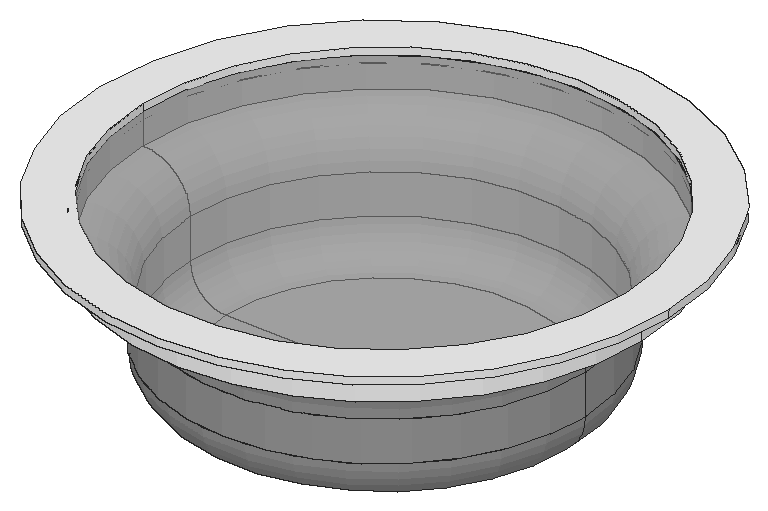
Revit family "3033930 Lighting Fixture_Sylvania_Insaver HO Topper LED II_Ceiling Recessed", category Lighting Fixtures, host Face, Revit 2017
Family settings
  Host = Face
  Round Connector Dimension = Use Diameter
  Part Type = Normal
  OmniClass Number = 23.80.70.11.17
  OmniClass Title = Specialized Lighting by Location or Use
  Cut with Voids When Loaded = No
  Light Source = Yes
  Shared = No
  Room Calculation Point = No
Parameters (values of type "Insaver HO Topper LED II 150 RO 12W WW")
  Weight = 0.38 kg
  Wattage = 12 W
  built-in parameter 1150110 = 1 (stored number, unit not read)
  Voltage Comments = "UNV (Universal Voltage; 220-240 Volt)"  # constant formula
  Voltage = 230 V  # constant formula
  URL = "http://www.sylvania-lighting.com"
  Ta Rating = "-10°C to +40°C"  # constant formula
  LOR = "100 %"
  Glow Wire Test = 650 °C  # constant formula
  Electrical Protection = "Class II"  # constant formula
  Distribution type = "Direct - Symmetrical"  # constant formula
  Accessory Marerial = Metallic Paint_Sylvania_Insaver HO Topper LED_White_RAL 9003
  built-in parameter 1114217 = 1 (stored number, unit not read)
  Tilt Angle = -90°
  built-in parameter 1150109 = 1 (stored number, unit not read)
  built-in parameter 1150134 = (empty or 0)
  built-in parameter 1150113 = 1 (stored number, unit not read)
  Product Page URL = "http://www.sylvania-lighting.com/product/en-int/products/3033930"
  Product Family = "INSAVER HO TOPPER LED II"  # constant formula
  Photometry Comments = ""
  Photometric Web File = "3033930_InsaverHOTopperLEDII150RO12WWW-194643.ies"
  Life = "50 000 h"  # constant formula
  Inner Radius = Inner Diameter / 2  # 70.0 mm
  IP Rating = "IP44"  # constant formula
  IK Rating = "IK07"  # constant formula
  Emit from Circle Diameter = Diffuser Diameter  # 136.0 mm
  Drive Current = "300 mA"
  Accessory Diameter = Diameter + 15.0 mm  # 160.0 mm
  Inner Diameter = Diameter - 5.0 mm  # 140.0 mm
  Diffuser Diameter = Diameter - 9.0 mm  # 136.0 mm
  Diameter = 145.0 mm
  Cutout Diameter = Diameter  # 145.0 mm
  CRI ( Ra ) = 80  # constant formula
  Body Material = Metallic Paint_Sylvania_Insaver HO Topper LED_White_RAL 9003
  Beam Angle = 74°  # constant formula
  Difuser Material = Polycarbonate_Sylvania_Insaver HO Topper LED_3000K
  Height = 45.0 mm
  built-in parameter 1114216 [instance] = 1 (stored number, unit not read)
  Model = "Insaver HO Topper LED II 150 RO 12W WW"
  Manufacturer = "Feilo Sylvania"  # constant formula
  built-in parameter 1150105 = 587.84 (stored number, unit not read)
  Lumens = 1047 lm
  built-in parameter 1150115 = 1 (stored number, unit not read)
  built-in parameter 1150137 = (empty or 0)
  built-in parameter 1150139 = (empty or 0)
  built-in parameter 1150112 = 1 (stored number, unit not read)
  built-in parameter 1150114 = 1 (stored number, unit not read)
  Lamp Comments = "Integrated LED"  # constant formula
  Lamp = "12W"
  built-in parameter 1150132 = 2
  built-in parameter 1150102 = (empty or 0)
  built-in parameter 1150107 = 3000 (stored number, unit not read)
  built-in parameter 1150138 = (empty or 0)
  built-in parameter 1150106 = 5.8784 (stored number, unit not read)
  Reflector Material = Metal_Sylvania_Insaver HO Topper LED
  Emit Shape Visible in Rendering = yes
  built-in parameter 1150104 = 8.1058 (stored number, unit not read)
  Dimming Lamp Color Temperature Shift = <None>
  Description = "Insaver HO Topper LED II is available in 4 different round cut out sizes: 150mm, 175mm, 205mm & 220mm Insaver HO Topper LED II 150 12W delivers a 1,134 lumen output (4,000K) - perfect for 1x26W CFL replacement Insaver HO Topper LED II 175 15W delivers a 1,480 lumen output (4,000K) - perfect for 1x32W/2x18W CFL replacement Insaver HO Topper LED II 205 21W delivers a 1,989 lumen output (4,000K) - perfect for 1x42W CFL replacement Insaver HO Topper LED II 225 25W delivers a 2,289 lumen output (4,000K)- perfect for 2x26W CFL replacement High efficacy up to 99lm/W (Insaver HO Topper LED II 175 4,000K) IP44 rating allows for installation in applicable wet zone areas Choice of 3,000K (warm white) or 4,000K (neutral white) Shallow recess depth of <65mm Can replace existing large CFL downlights using a 225mm ceiling cut out (Insaver HO Topper LED II 225) Energy efficient electronic gear including analogue 1-10V and DALI dimmable options IK07 polycarbonate diffuser allows for a wider light distribution than a reflector downlight, allowing for increased spacings between luminaires 3 hour emergency pack available (to be ordered in addition to the luminaire) Ideal for applications such as corridors, public WCs and back of house areas Quick and easy to install Loop in-Loop out facility with red push fit terminal block for quick wiring White bezel (RAL 9003) Energy Class: A++, A+, A Long lifetime: 50,000 hours life at L70 (L80: 30,000 hours, L90: 15,000 hours)"  # constant formula
  Default Elevation = 0.0 mm
  Color Filter = 16777215
  Catalog Number = "3033930 Insaver HO Topper LED II 150 RO 12W WW"
  built-in parameter 1140040 [instance] = 1
  built-in parameter 1114218 = 1 (stored number, unit not read)
  built-in parameter 1150133 = 10 (stored number, unit not read)
  Assembly Code = "D5020200"
  Apparent Load Comments = ""
  Apparent Load = 12 VA
Reference planes
  plane 1 "Center (Front/Back)": y = 0
  plane 2: z = 0
  plane 3 "Center (Left/Right)": x = 0
  plane 4 "Fixture Bottom": z = 2
  plane 5 "Fixture Top": z = -45
  plane 6 "Brace Top": z = -8.5
  plane 7 "Fixture Left": x = -80
  plane 8 "Fixture Right": x = 80
  plane 9 "Cutout Right": x = 72.5
  plane 10 "Cutout Left": x = -72.5
  plane 11: z = -2
Forms (mm)
  Extrusion 1, void
    sketch origin (0, 0, 59) x (-1, 0, 0) y (0, -1, 0)
      loop
        circle (0, 0) r 72.5
    from -104 to -57
  Extrusion 2, solid, material "Metallic Paint_Sylvania_Insaver HO Topper LED_White_RAL 9003" <- "Accessory Marerial", detail levels fine
    sketch origin (0, 0, 59) x (-1, 0, 0) y (0, -1, 0)
      loop
        circle (0, 0) r 80
      loop
        circle (0, 0) r 68
    from -59 to -57
  Extrusion 3, solid, material "Metallic Paint_Sylvania_Insaver HO Topper LED_White_RAL 9003" <- "Accessory Marerial", detail levels fine
    sketch origin (0, 0, 0) x (1, 0, 0) y (0, 1, 0)
      loop
        circle (0, 0) r 72.5
      loop
        circle (0, 0) r 70
    from -8.5 to 0
  Extrusion 4, solid, material "Polycarbonate_Sylvania_Insaver HO Topper LED_3000K" <- "Difuser Material", detail levels fine
    sketch origin (0, 0, 59) x (-1, 0, 0) y (0, -1, 0)
      loop
        circle (0, 0) r 68
    from -61 to -59
  Revolve 5, solid, material "Metal_Sylvania_Insaver HO Topper LED" <- "Reflector Material", detail levels fine
    sketch origin (0, 0, 0) x (1, 0, 0) y (0, 0, 1)
      loop
        line (-68, 0) -> (-70, 0) -> (-70, -8.5)
        arc (-70, -8.5) -> (-60.547, -12.382) -> (-56.627, -21.82) r 13.32
        line (-56.627, -21.82) -> (-56.627, -33)
        arc (-56.627, -33) -> (-53.113, -41.485) -> (-44.627, -45) r 12
        line (-44.627, -45) -> (0, -45) -> (0, -43) -> (-44.627, -43)
        arc (-44.627, -43) -> (-51.698, -40.071) -> (-54.627, -33) r 10
        line (-54.627, -33) -> (-54.627, -21.82)
        arc (-54.627, -21.82) -> (-58.547, -12.382) -> (-68, -8.5) r 13.32
        line (-68, -8.5) -> (-68, 0)
      axis (0, -45) -> (0, 0)
    angle from 0 to 360
  Revolve 6, solid, material "Metallic Paint_Sylvania_Insaver HO Topper LED_White_RAL 9003" <- "Body Material", detail levels coarse+medium
    sketch origin (0, 0, 0) x (1, 0, 0) y (0, 0, 1)
      loop
        line (-56.627, -21.82) -> (-56.627, -33)
        arc (-56.627, -33) -> (-53.113, -41.485) -> (-44.627, -45) r 12
        line (-44.627, -45) -> (0, -45) -> (0, 2) -> (-80, 2) -> (-80, 0) -> (-72.5, 0) -> (-72.5, -8.5) -> (-70, -8.5)
        arc (-70, -8.5) -> (-60.547, -12.382) -> (-56.627, -21.82) r 13.32
      axis (0, -45) -> (0, 2)
    angle from 0 to 360
Cuts and joins
  joined: Extrusion 2, Extrusion 3
Dimensions and locks
  plane 4 "Fixture Bottom" to plane 2 to plane 6 "Brace Top" = 2.0 mm locked, 8.5 mm locked
  "Height": plane 2 to plane 5 "Fixture Top"
  equal spacing: plane 8 "Fixture Right", plane 3 "Center (Left/Right)", plane 7 "Fixture Left"
  "Accessory Diameter": plane 8 "Fixture Right" to plane 7 "Fixture Left"
  equal spacing: plane 9 "Cutout Right", plane 3 "Center (Left/Right)", plane 10 "Cutout Left"
  "Diameter": plane 9 "Cutout Right" to plane 10 "Cutout Left"
  locked: Revolve 6 sketch curve to Revolve 6 sketch curve at 23.373
  locked: Revolve 6 sketch curve to plane 5 "Fixture Top" at 12
  locked: Revolve 5 sketch curve to plane 7 "Fixture Left" at 23.373
  "Cutout Diameter": diameter of Extrusion 1 sketch curve
  "Accessory Diameter": diameter of Extrusion 2 sketch curve
  "Diffuser Diameter": diameter of Extrusion 2 sketch curve
  "Diameter": diameter of Extrusion 3 sketch curve
  "Inner Diameter": diameter of Extrusion 3 sketch curve
  "Diffuser Diameter": diameter of Extrusion 4 sketch curve
  aligned and locked: plane 2 to host face
  aligned and locked: level to host face
  aligned and locked: plane 1 "Center (Front/Back)" to imposter light
  aligned and locked: Extrusion 2 to plane 2
  aligned and locked: plane 4 "Fixture Bottom" to Extrusion 2
  aligned and locked: plane 2 to Extrusion 3
  aligned and locked: plane 4 "Fixture Bottom" to Extrusion 1
  aligned and locked: Extrusion 1 to plane 5 "Fixture Top"
  aligned and locked: plane 3 "Center (Left/Right)" to imposter light
  aligned and locked: imposter light to plane 4 "Fixture Bottom"
  aligned and locked: Extrusion 3 to plane 6 "Brace Top"
  aligned and locked: level to Extrusion 4
  aligned and locked: plane 11 to Extrusion 4
  aligned and locked: imposter light to Revolve 5 sketch curve  (x2)
  aligned and locked: Revolve 5 sketch curve to plane 2
  aligned and locked: plane 6 "Brace Top" to Revolve 5 sketch curve
  aligned and locked: Revolve 6 sketch curve to imposter light
  aligned and locked: plane 2 to Revolve 6 sketch curve
  aligned and locked: plane 6 "Brace Top" to Revolve 6 sketch curve
  aligned and locked: plane 7 "Fixture Left" to Revolve 6 sketch curve
  aligned and locked: plane 10 "Cutout Left" to Revolve 6 sketch curve
  aligned and locked: Revolve 6 sketch curve to plane 5 "Fixture Top"
  aligned and locked: Revolve 5 sketch curve to plane 5 "Fixture Top"
Automatic sketch dimensions
  host sketch curve to host sketch curve = 1596.918 mm
  host sketch curve to host sketch curve = 1559.52 mm
  Revolve 6 sketch curve to plane 3 "Center (Left/Right)" = 0.0 mm  (x2)
  Revolve 6 sketch curve to Revolve 6 sketch curve = 2.5 mm
  plane 5 "Fixture Top" to Revolve 6 sketch curve = 23.18 mm
  Revolve 6 sketch curve to plane 5 "Fixture Top" = 19.048 mm
  plane 4 "Fixture Bottom" to Revolve 6 sketch curve = 5.837 mm
  Revolve 5 sketch curve to Revolve 5 sketch curve = 0.0 mm  (x2)
  Revolve 5 sketch curve to plane 6 "Brace Top" = 0.0 mm
  plane 10 "Cutout Left" to Revolve 5 sketch curve = 2.5 mm
  plane 5 "Fixture Top" to Revolve 5 sketch curve = 2.0 mm
  Revolve 5 sketch curve to Revolve 5 sketch curve = 2.0 mm  (x2)
  Revolve 5 sketch curve to Revolve 5 sketch curve = 10.0 mm
  plane 5 "Fixture Top" to Revolve 5 sketch curve = 23.18 mm
  Revolve 5 sketch curve to plane 5 "Fixture Top" = 19.048 mm
  plane 4 "Fixture Bottom" to Revolve 5 sketch curve = 5.837 mm
  plane 1 "Center (Front/Back)" to Extrusion 1 sketch curve = 0.0 mm
  Extrusion 1 sketch curve to plane 3 "Center (Left/Right)" = 0.0 mm
  Extrusion 2 sketch curve to Extrusion 2 sketch curve = 0.0 mm  (x2)
  plane 1 "Center (Front/Back)" to Extrusion 2 sketch curve = 0.0 mm
  Extrusion 2 sketch curve to plane 3 "Center (Left/Right)" = 0.0 mm
  Extrusion 3 sketch curve to Extrusion 3 sketch curve = 0.0 mm  (x2)
  plane 1 "Center (Front/Back)" to Extrusion 3 sketch curve = 0.0 mm
  Extrusion 3 sketch curve to plane 3 "Center (Left/Right)" = 0.0 mm
  plane 1 "Center (Front/Back)" to Extrusion 4 sketch curve = 0.0 mm
  Extrusion 4 sketch curve to plane 3 "Center (Left/Right)" = 0.0 mm
Connectors
  electrical at (0, 0, -45), driven by "Voltage", driven by "Apparent Load"
    settings: index 1, voltage 230 V, apparent load 0 VA, apparent load phase1 12 VA, apparent load phase2 0 VA, apparent load phase3 0 VA, power factor 1, load classification "Lighting", number of poles 1, system type 31, power factor state 1, is connector primary yes, connector utility no, sub classification motor no, connector description ""
